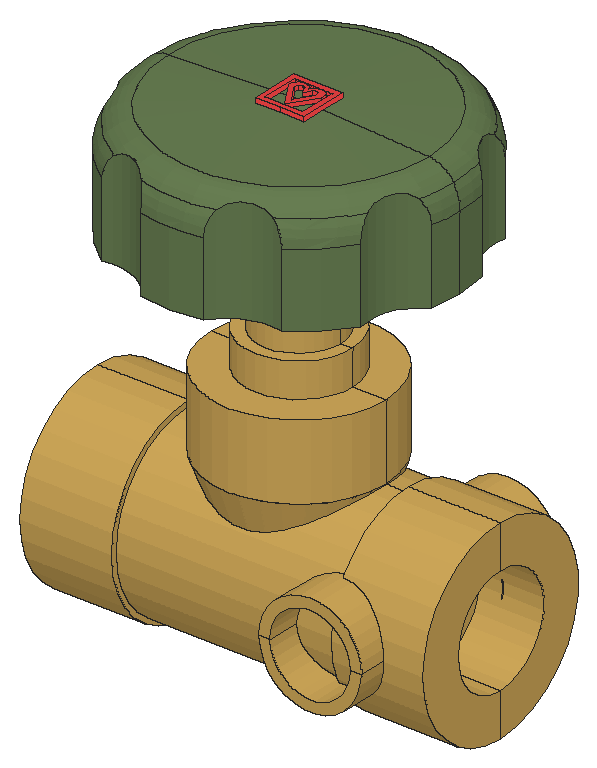
Revit family "Запорный клапан Strömax 4215 AW, муфта х муфта", category Rohrzubehör, Revit 2020
Family settings
  Bemaßung runder Anschluss = Durchmesser verwenden
  Teiletyp = Unterbricht
  OmniClass-Nummer = 23.65.55.14
  OmniClass-Titel = Valves for Liquid Services
  Arbeitsebenenbasiert = Nein
  Immer vertikal = Ja
  Beim Laden mit Abzugskörper schneiden = Nein
  Gemeinsam genutzt = Nein
Parameters
  Примечание = "В соответствии со статьей 33 Регламента REACH (Registration; Evaluation; Authorisation; Restriction of Chemicals) (EC № 1907/2006) мы обязаны указать, что свинец внесен в список SVHC (Substances of Very High Concern - вещества очень высокой важности) и весовой процент свинца во всех латунных компонентах заводского изготовления в наших изделиях, превышает 0,1 % (w/w) (CAS: 7439-92-1 / EINECS: 231-100-4).\r\nПоскольку свинец является легирующим компонентом сплава, прямое негативное влияние исключается, и поэтому дополнительной информации о безопасном использовании не требуется."
  Область применения = "Для перекрытия трубопроводов в системе питьевого водоснабжения в зданиях."
  Номер заказа [instance] = size_lookup("4215AW_", "Artnr", 0, Nennweite)  # 2421532
  Маховик = "пластик, цвет маховика - зеленый"  # constant formula
  Макс. рабочее давление = 1000000.0 Pa  # constant formula
  Макс. рабочая температура = 90 °C  # constant formula
  Корпус = "латунь, устойчивая к селективной цинковой коррозии, в соответствии с EN1982"  # constant formula
  Vorgabe-Ansicht = 0 mm
  URL = "www.herz-armaturen.ru"
  T02 = 8.5 mm  # constant formula
  T01 [instance] = size_lookup("4215AW_", "T1", 17.5 mm, Nennweite)  # 23 mm
  R09 [instance] = R08 - 2 mm  # 7.5 mm
  O-Ring = "EPDM"  # constant formula
  SC_NennweiteBerechnet = 0
  SC_Dimension = ""
  SCTWSEQ = "FW;SBT_TYP_FW=\"106\";2"
  SCTWCODE = "04;01;02"  # constant formula
  S03 = 60 mm  # constant formula
  S02 [instance] = H01 + H02 + H03  # 53.5 mm
  S01 [instance] = R01 * 2  # 36 mm
  R08 [instance] = size_lookup("4215AW_", "R8", 9.5 mm, Nennweite)  # 9.5 mm
  R07 = 3 mm  # constant formula
  R06 [instance] = size_lookup("4215AW_", "R6", 7.8 mm, Nennweite)  # 7.8 mm
  R05 [instance] = size_lookup("4215AW_", "R5", 10.1 mm, Nennweite)  # 10.1 mm
  R04 [instance] = size_lookup("4215AW_", "R4", 13.5 mm, Nennweite)  # 16.3 mm
  R03 [instance] = size_lookup("4215AW_", "R3", 15 mm, Nennweite)  # 17 mm
  R02 [instance] = Nennweite / 2  # 10 mm
  R01 [instance] = size_lookup("4215AW_", "R1", 16 mm, Nennweite)  # 18 mm
  Nennweite [instance] = 20 mm
  Мин. расход при Dp 10 кПа [instance] = if(Nennweite = 15 mm, 0.2, if(Nennweite = 20 mm, 0.4, if(Nennweite = 25 mm, 0.7, if(Nennweite = 32 mm, 1.2, if(Nennweite = 40 mm, 1.6, if(Nennweite = 50 mm, 2.7, 0))))))  # 0.4
  Среда = "Питьевая вода"  # constant formula
  Макс. перепад давления на закрытом седле = 1000000.0 Pa  # constant formula
  L03 [instance] = size_lookup("4215AW_", "L3", 15.5 mm, Nennweite)  # 19 mm
  L02 = 12 mm  # constant formula
  L01 [instance] = size_lookup("4215AW_", "L1", 16 mm, Nennweite)  # 17 mm
  L00 [instance] = size_lookup("4215AW_", "L", 65 mm, Nennweite)  # 75 mm
  Hersteller = "HERZ Armaturen Ges.m.b.H."  # constant formula
  H04 = 21 mm  # constant formula
  H03 [instance] = size_lookup("4215AW_", "H3", 14.6 mm, Nennweite)  # 16.1 mm
  H02 [instance] = size_lookup("4215AW_", "H2", 5.4 mm, Nennweite)  # 6.4 mm
  H01 [instance] = size_lookup("4215AW_", "H1", 26 mm, Nennweite)  # 31 mm
  H00 [instance] = H01 + H02 + H03  # 53.5 mm
Reference planes
  plane 1 "Mitte (Vorne/hinten)": y = 0
  plane 2: z = 0
  plane 3 "Mitte (Links/rechts)": x = 0
Forms (mm)
  Revolve 1, solid, material "Messing, weicher Gelbton, geschweißt", detail levels fine
    sketch origin (470, 0, 0) x (1, 0, 0) y (0, 0, 1)
      loop
        line (-507.5, 10) -> (-495.5, 10) -> (-495.5, 0) -> (-444.5, 0) -> (-444.5, 10) -> (-432.5, 10) -> (-432.5, 18) -> (-449.5, 18) -> (-449.5, 17) -> (-490.5, 17) -> (-490.5, 18) -> (-507.5, 18) -> (-507.5, 10)
      axis (-507.5, 0) -> (-432.5, 0)
    angle from 0 to 360
  Revolve 2, solid, material "Messing, weicher Gelbton, geschweißt", detail levels fine
    sketch origin (0, 0, 0) x (1, 0, 0) y (0, 0, 1)
      loop
        line (0, 0) -> (0, 53.5) -> (-7.8, 53.5) -> (-7.8, 37.4) -> (-10.1, 37.4) -> (-10.1, 31) -> (-16.3, 31) -> (-16.3, 17) -> (-10, 0) -> (0, 0)
      axis (0, 53.5) -> (0, 0)
    angle from 0 to 360
  Revolve 3, solid, material "Messing, weicher Gelbton, geschweißt", detail levels fine
    sketch origin (0, 0, 0) x (1, 0, 0) y (0, 1, 0)
      loop
        line (20.5, -14.5) -> (28, -14.5) -> (28, -23) -> (30, -23) -> (30, -10) -> (23.5, -10) -> (23.5, 10) -> (30, 10) -> (30, 23) -> (20.5, 23) -> (20.5, -14.5)
      axis (20.5, 23) -> (20.5, -23)
    angle from 0 to 360
Lines and regions (mm)
  model lines, detail levels coarse+medium
    curve 1: line (-37.5, 0, 18) -> (-37.5, 0, -18)
    curve 2: line (-37.5, 0, -18) -> (37.5, 0, 18)
    curve 3: line (37.5, 0, 18) -> (37.5, 0, -18)
    curve 4: line (37.5, 0, -18) -> (-37.5, 0, 18)
    curve 5: line (0, 0, 0) -> (0, 0, 53.5)
    curve 6: line (-30, 0, 53.5) -> (30, 0, 53.5)
    curve 7: line (-37.5, -18, 0) -> (-37.5, 18, 0)
    curve 8: line (-37.5, 18, 0) -> (37.5, -18, 0)
    curve 9: line (37.5, -18, 0) -> (37.5, 18, 0)
    curve 10: line (37.5, 18, 0) -> (-37.5, -18, 0)
    curve 11: line (0, 0, 0) -> (0, 53.5, 0)
    curve 12: line (30, 53.5, 0) -> (-30, 53.5, 0)
Dimensions and locks
  "L00": Revolve 1 sketch curve to Revolve 1 sketch curve
  equal spacing: Revolve 1 sketch curve, plane 3 "Mitte (Links/rechts)", Revolve 1 sketch curve
  "R01": Revolve 1 sketch curve to Revolve 1 sketch curve  (x2)
  "R02": Revolve 1 sketch curve to Revolve 1 sketch curve  (x2)
  "L01": Revolve 1 sketch curve to Revolve 1 sketch curve  (x2)
  "L02": Revolve 1 sketch curve to Revolve 1 sketch curve  (x2)
  "R03": Revolve 1 sketch curve to Revolve 1 sketch curve
  "R03": Revolve 2 sketch curve to Revolve 2 sketch curve
  "R02": Revolve 2 sketch curve to Revolve 2 sketch curve
  "R04": Revolve 2 sketch curve to Revolve 2 sketch curve
  "R05": Revolve 2 sketch curve to Revolve 2 sketch curve
  "R06": Revolve 2 sketch curve to Revolve 2 sketch curve
  "H01": Revolve 2 sketch curve to plane 2
  "T01": Revolve 3 sketch curve to plane 1 "Mitte (Vorne/hinten)" to Revolve 3 sketch curve
  "R02": Revolve 3 sketch curve to plane 1 "Mitte (Vorne/hinten)"
  "R02": plane 1 "Mitte (Vorne/hinten)" to Revolve 3 sketch curve
  "R07": Revolve 3 sketch curve to Revolve 3 sketch curve
  "H02": Revolve 2 sketch curve to Revolve 2 sketch curve
  "H03": Revolve 2 sketch curve to Revolve 2 sketch curve
  "H00": nested 1 to plane 2
  "H04": nested 2 to Revolve 2
  equal spacing: curve 4, plane 2, curve 2
  "S01": curve 4 to curve 2
  equal spacing: curve 3, plane 2, curve 4
  "S01": curve 3 to curve 4
  equal spacing: curve 1, plane 3 "Mitte (Links/rechts)", curve 3
  "L00": curve 1 to curve 3
  "S02": curve 5 to plane 2
  equal spacing: curve 6, curve 5, curve 6
  "S03": curve 6 to curve 6
  equal spacing: curve 10, plane 1 "Mitte (Vorne/hinten)", curve 8
  "S01": curve 8 to curve 10
  equal spacing: curve 9, plane 1 "Mitte (Vorne/hinten)", curve 10
  "S01": curve 10 to curve 9
  equal spacing: curve 7, plane 3 "Mitte (Links/rechts)", curve 9
  "L00": curve 7 to curve 9
  "S02": plane 1 "Mitte (Vorne/hinten)" to curve 11
  equal spacing: curve 12, curve 11, curve 12
  "S03": curve 12 to curve 12
  "T02": Revolve 3 sketch curve to Revolve 3 sketch curve
  "R08": Revolve 3 sketch curve to Revolve 3 sketch curve
  "R03": Revolve 3 sketch curve to Revolve 1
  "R09": Revolve 3 sketch curve to Revolve 3 sketch curve
  aligned and locked: level to plane 2
Automatic sketch dimensions
  curve 5 to level = 0 mm
  curve 11 to plane 3 "Mitte (Links/rechts)" = 0 mm
  Revolve 1 sketch curve to level = 0 mm  (x2)
  Revolve 1 sketch curve to Revolve 1 sketch curve = 791.99 mm
  Revolve 1 sketch curve to Revolve 1 sketch curve = 2278.983 mm
  Revolve 2 sketch curve to level = 0 mm
  Revolve 2 sketch curve to plane 3 "Mitte (Links/rechts)" = 0 mm  (x2)
  Revolve 2 sketch curve to Revolve 2 sketch curve = 366.045 mm
  Revolve 2 sketch curve to Revolve 2 sketch curve = 2165.278 mm
  Revolve 3 sketch curve to Revolve 3 sketch curve = 0 mm  (x2)
  Revolve 3 sketch curve to Revolve 3 sketch curve = 6.5 mm
  Revolve 3 sketch curve to Revolve 3 sketch curve = 3.768 mm
Nested families
  nested 1: "Strömax-Handrad (Grün)" at (0, 0, 53.5), type "Strömax-Handrad (Grün)", detail levels fine
    with Nennweite 0 mm, Gewicht 0.00 kg, Bestellnummer 0
  nested 2: "Herz-Logo" at (0, 0, 74.5), type "Herz-Logo", detail levels fine
Connectors
  piping at (-25.5, 0, 0), diameter 20, driven by "Nennweite"
    settings: on Revolve 1, index 1, connector inside diameter 609.6 mm, connector length 0 mm, flow factor 0, pipe flow 0.0 L/s, pressure drop 0.0 Pa, fitting loss kfactor 0, connector angle 0.00°, fixture units 0, engagement length 0 mm, angle of deflection 0.00°, flow configuration 0, flow direction 1, fitting loss method 0, system type 29, joint type 0, gender type 0, connector reference index -1, connector utility 0, adjustable connector no, is connector primary yes, connector description ""
  piping at (25.5, 0, 0), diameter 20, driven by "Nennweite"
    settings: on Revolve 1, index 2, connector inside diameter 609.6 mm, connector length 0 mm, flow factor 0, pipe flow 0.0 L/s, pressure drop 0.0 Pa, fitting loss kfactor 0, connector angle 0.00°, fixture units 0, engagement length 0 mm, angle of deflection 0.00°, flow configuration 0, flow direction 2, fitting loss method 0, system type 29, joint type 0, gender type 0, connector reference index -1, connector utility 0, adjustable connector no, is connector primary no, connector description ""
Definition of nested family "Strömax-Handrad (Grün)"
  Parameters (values of type "Strömax-Handrad (Grün)")
    Default Elevation = 0 mm
    URL = "www.herz-armaturen.at"
    Nennweite [instance] = 0 mm
    Manufacturer = "Herz Armaturen GmbH"  # constant formula
    Gewicht [instance] = 0.00 kg
    Bestellnummer [instance] = 0
  Reference planes
    plane 1 "Mitte (Vorne/hinten)": y = 0
    plane 2: z = 0
    plane 3 "Mitte (Links/rechts)": x = 0
  Forms (mm)
    Revolve 1, solid
      sketch origin (0, 0, 0) x (1, 0, 0) y (0, 0, 1)
        loop
          line (0, 0) -> (0, 22)
          arc (0, 22) -> (-12.15, 21.705) -> (-24.271, 20.819) r 250
          arc (-24.271, 20.819) -> (-26.831, 19.959) -> (-28.754, 18.063) r 6
          arc (-28.754, 18.063) -> (-29.682, 16.008) -> (-30, 13.776) r 8
          line (-30, 13.776) -> (-30, 0) -> (0, 0)
        axis (0, 22) -> (0, 0)
      angle from 0 to 360
    Extrusion 2, void
      sketch origin (0, 0, 0) x (1, 0, 0) y (0, 1, 0)
        loop
          circle (14.351, -34.645) r 10
      from 0 to 22
    Extrusion 3, void
      sketch origin (0, 0, 0) x (-1, 0, 0) y (0, -1, 0)
        loop
          circle (14.351, 34.645) r 10
      from 0 to 22
    Extrusion 4, void
      sketch origin (0, 0, 0) x (0, -1, 0) y (1, 0, 0)
        loop
          circle (14.351, 34.645) r 10
      from 0 to 22
    Extrusion 5, void
      sketch origin (0, 0, 0) x (0, 1, 0) y (-1, 0, 0)
        loop
          circle (14.351, -34.645) r 10
      from 0 to 22
    Extrusion 6, void
      sketch origin (0, 0, 0) x (0, -1, 0) y (1, 0, 0)
        loop
          circle (14.351, -34.645) r 10
      from 0 to 22
    Extrusion 7, void
      sketch origin (0, 0, 0) x (0, 1, 0) y (-1, 0, 0)
        loop
          circle (14.351, 34.645) r 10
      from 0 to 22
    Extrusion 8, void
      sketch origin (0, 0, 0) x (1, 0, 0) y (0, 1, 0)
        loop
          circle (14.351, 34.645) r 10
      from 0 to 22
    Extrusion 9, void
      sketch origin (0, 0, 0) x (-1, 0, 0) y (0, -1, 0)
        loop
          circle (14.351, -34.645) r 10
      from 0 to 22
  Cuts and joins
    Extrusion 2, Extrusion 3, Extrusion 4, Extrusion 5, Extrusion 6, Extrusion 7, Extrusion 8, Extrusion 9 cuts Revolve 1
  Dimensions and locks
    aligned and locked: level to plane 2
Definition of nested family "Herz-Logo"
  Parameters (values of type "Herz-Logo")
    Default Elevation = 0 mm
  Reference planes
    plane 1 "Mitte (Vorne/hinten)": y = 0
    plane 2: z = 0
    plane 3 "Mitte (Links/rechts)": x = 0
  Forms (mm)
    Extrusion 1, solid
      sketch origin (0, 0, 0) x (1, 0, 0) y (0, 1, 0)
        loop
          line (-0.018, -4.517) -> (4.482, -4.517) -> (4.482, 4.483) -> (-4.518, 4.483) -> (-4.518, -4.517) -> (-0.018, -4.517)
        loop
          line (-0.05, -3.48) -> (3.482, -3.48) -> (3.482, 3.483) -> (-3.518, 3.483) -> (-3.518, -3.48) -> (-0.05, -3.48)
        loop
          arc (-0.018, 2.383) -> (-1.543, 3.287) -> (-3.067, 2.383) r 1.738
          arc (-3.067, 2.383) -> (-3.191, 1.899) -> (-3.067, 1.415) r 1.009
          line (-3.067, 1.415) -> (-0.018, -3.281) -> (3.032, 1.415)
          arc (3.032, 1.415) -> (3.156, 1.899) -> (3.032, 2.383) r 1.009
          arc (3.032, 2.383) -> (1.507, 3.287) -> (-0.018, 2.383) r 1.738
        loop
          arc (1.885, 1.272) -> (2.005, 1.675) -> (1.885, 2.079) r 0.74
          arc (1.885, 2.079) -> (1.265, 2.416) -> (0.644, 2.079) r 0.74
          line (0.644, 2.079) -> (-0.018, 0.97) -> (-0.679, 2.079)
          arc (-0.679, 2.079) -> (-1.3, 2.416) -> (-1.921, 2.079) r 0.74
          arc (-1.921, 2.079) -> (-2.04, 1.675) -> (-1.921, 1.272) r 0.74
          line (-1.921, 1.272) -> (-0.018, -1.658) -> (1.885, 1.272)
      from 0 to 1.5
  Dimensions and locks
    aligned and locked: level to plane 2
